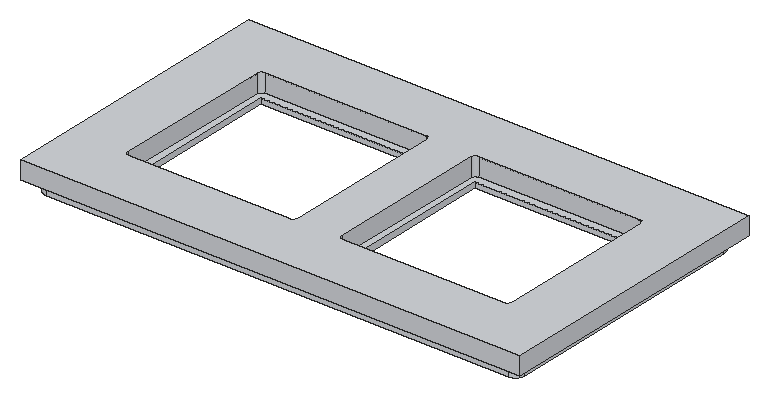
Revit family "Gira_0212219", category Electrical Fixtures, host Face, Revit 2017
Family settings
  Host = Face
  Maintain Annotation Orientation = No
  Round Connector Dimension = Use Diameter
  Part Type = Normal
  Cut with Voids When Loaded = No
  Shared = No
  Room Calculation Point = No
Parameters (values of type "Abdeckrahmen 2f Gira Esprit Edelstahl")
  Werkstoffgüte = "edelstahl"
  Werkstoff = "Metall"
  URL = "http://katalog.gira.de/de_DE/datenblatt.html?artikelnr=0212219"
  Transparent = "No"
  Textfeld/Beschriftungsfläche = "No"
  Schutzart (IP) = "IP20"
  Region = "DE"
  Oberfläche = "sonstige"
  Name = "Abdeckrahmen 2f Gira Esprit Edelstahl"
  Montagerichtung = "horizontal und vertikal"
  Mit Montagerahmen = "No"
  Mit Klappdeckel = "No"
  Manufacturer URL = "https://www.gira.de/"
  Keynote = "Espr._Rahmen_2fach"
  HeinzeBIM = "https://bimportal.heinze.de/bim/abdeckrahmen-2f-gira-esprit-edelstahl/04d78497f0270791a1d1a9a6425955b0c6c0128c"
  Halogenfrei = "No"
  HAN = "0212219"
  Geeignet für Unterputz-Installation = "Yes"
  Geeignet für Unterflurkanaldose = "No"
  Geeignet für Geräteeinbaukanal = "No"
  Geeignet für Einbauinstallation = "No"
  GTIN = "4010337015772"
  Farbe = "edelstahl"
  Default Elevation = 1219.2 mm
  Data sheet (1) = "https://katalog.gira.de/de_DE/download.html?artikelnr=0212219"
  Category = "Abdeckrahmen"
  Befestigungsart = "Klemmbefestigung"
  Available = "Yes"
  Anzahl der Einheiten vertikal = "2 "
  Anzahl der Einheiten horizontal = "2 "
  Anzahl der Einheiten = "2 "
Reference planes
  plane 1 "Center (Front/Back)": y = 0
  plane 2: z = 0
  plane 3 "Center (Left/Right)": x = 0
Forms (mm)
  Extrusion 1, solid, detail levels fine
    sketch origin (0, 0, 0) x (1, 0, 0) y (0, 1, 0)
      loop
        line (-83, 47.5) -> (-83, -47.5) -> (83, -47.5) -> (83, 47.5) -> (-83, 47.5)
      loop
        arc (-63.75, -26.7) -> (-63.311, -27.761) -> (-62.25, -28.2) r 1.5
        line (-62.25, -28.2) -> (-8.85, -28.2)
        arc (-8.85, -28.2) -> (-7.789, -27.761) -> (-7.35, -26.7) r 1.5
        line (-7.35, -26.7) -> (-7.35, 26.7)
        arc (-7.35, 26.7) -> (-7.789, 27.761) -> (-8.85, 28.2) r 1.5
        line (-8.85, 28.2) -> (-62.25, 28.2)
        arc (-62.25, 28.2) -> (-63.311, 27.761) -> (-63.75, 26.7) r 1.5
        line (-63.75, 26.7) -> (-63.75, -26.7)
      loop
        line (63.75, -26.7) -> (63.75, 26.7)
        arc (63.75, 26.7) -> (63.311, 27.761) -> (62.25, 28.2) r 1.5
        line (62.25, 28.2) -> (8.85, 28.2)
        arc (8.85, 28.2) -> (7.789, 27.761) -> (7.35, 26.7) r 1.5
        line (7.35, 26.7) -> (7.35, -26.7)
        arc (7.35, -26.7) -> (7.789, -27.761) -> (8.85, -28.2) r 1.5
        line (8.85, -28.2) -> (62.25, -28.2)
        arc (62.25, -28.2) -> (63.311, -27.761) -> (63.75, -26.7) r 1.5
    from 0 to 6
  Extrusion 2, solid, detail levels fine
    sketch origin (0, 0, 0) x (1, 0, 0) y (0, 1, 0)
      loop
        line (-61.45, -25.7) -> (-9.65, -25.7) -> (-9.65, 25.7) -> (-61.45, 25.7) -> (-61.45, -25.7)
      loop
        line (61.45, 25.7) -> (9.65, 25.7) -> (9.65, -25.7) -> (61.45, -25.7) -> (61.45, 25.7)
      loop
        arc (-78.454, -41.3) -> (-77.927, -42.573) -> (-76.654, -43.1) r 1.8
        line (-76.654, -43.1) -> (76.654, -43.1)
        arc (76.654, -43.1) -> (77.927, -42.573) -> (78.454, -41.3) r 1.8
        line (78.454, -41.3) -> (78.454, 41.3)
        arc (78.454, 41.3) -> (77.927, 42.573) -> (76.654, 43.1) r 1.8
        line (76.654, 43.1) -> (-76.654, 43.1)
        arc (-76.654, 43.1) -> (-77.927, 42.573) -> (-78.454, 41.3) r 1.8
        line (-78.454, 41.3) -> (-78.454, -41.3)
    from -1.9 to 0
  Extrusion 3, solid, detail levels fine
    sketch origin (0, 0, 0) x (1, 0, 0) y (0, 1, 0)
      loop
        arc (-76.75, 44.4) -> (-78.871, 43.521) -> (-79.75, 41.4) r 3
        line (-79.75, 41.4) -> (-79.75, -41.4)
        arc (-79.75, -41.4) -> (-78.871, -43.521) -> (-76.75, -44.4) r 3
        line (-76.75, -44.4) -> (76.75, -44.4)
        arc (76.75, -44.4) -> (78.871, -43.521) -> (79.75, -41.4) r 3
        line (79.75, -41.4) -> (79.75, 41.4)
        arc (79.75, 41.4) -> (78.871, 43.521) -> (76.75, 44.4) r 3
        line (76.75, 44.4) -> (-76.75, 44.4)
      loop
        arc (-78.55, -41.4) -> (-78.023, -42.673) -> (-76.75, -43.2) r 1.8
        line (-76.75, -43.2) -> (76.75, -43.2)
        arc (76.75, -43.2) -> (78.023, -42.673) -> (78.55, -41.4) r 1.8
        line (78.55, -41.4) -> (78.55, 41.4)
        arc (78.55, 41.4) -> (78.023, 42.673) -> (76.75, 43.2) r 1.8
        line (76.75, 43.2) -> (-76.75, 43.2)
        arc (-76.75, 43.2) -> (-78.023, 42.673) -> (-78.55, 41.4) r 1.8
        line (-78.55, 41.4) -> (-78.55, -41.4)
    from -3.7 to 0
  Extrusion 4, solid, detail levels medium
    sketch origin (0, 0, 0) x (1, 0, 0) y (0, 1, 0)
      loop
        line (-83, 47.5) -> (-83, -47.5) -> (83, -47.5) -> (83, 47.5) -> (-83, 47.5)
    from 0 to 6
  Extrusion 5, solid, detail levels medium
    sketch origin (0, 0, 0) x (1, 0, 0) y (0, 1, 0)
      loop
        line (-79.75, 44.4) -> (-79.75, -44.4) -> (79.75, -44.4) -> (79.75, 44.4) -> (-79.75, 44.4)
    from -3.7 to 0
  Extrusion 6, solid, detail levels coarse
    sketch origin (0, 0, 0) x (1, 0, 0) y (0, 1, 0)
      loop
        line (-83, 47.5) -> (-83, -47.5) -> (83, -47.5) -> (83, 47.5) -> (-83, 47.5)
    from -3.7 to 6
Dimensions and locks
  aligned and locked: plane 2 to host face
  aligned and locked: level to host face
